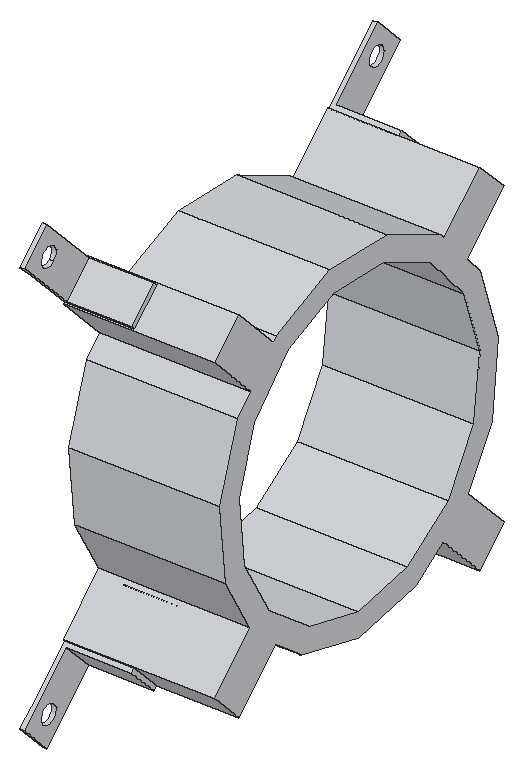
Revit family "LP100R-B", category Pipe Accessories, Revit 2021
Family settings
  Round Connector Dimension = Use Diameter
  Part Type = Breaks Into
  Work Plane-Based = No
  Always vertical = No
  Cut with Voids When Loaded = No
  Shared = No
Parameters
  URL = "https://www.snapcollars.com.au/"
  Model = "LP100R-B"
  Manufacturer = "Snap Fire Systems"
  Description = "The LP100R-B is a low profile, metal, retro-fit fire collar for concrete floor slabs."
  Default Elevation = 0 mm
Reference planes
  plane 1 "Center (Front/Back)": y = 0
  plane 2: z = 0
  plane 3 "Center (Left/Right)": x = -139.129
  plane 4: x = -230
  plane 5: x = -208.636
  plane 6: x = -210
Forms (mm)
  Extrusion 1, solid, material "PVC-White", not visible, detail levels fine
    sketch origin (0, 0, 0) x (1, 0, 0) y (0, 0, 1)
      loop
        line (-80, 60.418) -> (-227.967, 86.048) -> (-227.967, 69.12) -> (-80, 60.418)
    from -1.5 to 1.5
  Extrusion 2, solid, material "PVC-White", not visible, detail levels fine
    sketch origin (0, 0, 0) x (1, 0, 0) y (0, -0.5, 0.866025)
      loop
        line (-80, 60.418) -> (-227.967, 86.048) -> (-227.967, 69.12) -> (-80, 60.418)
    from -1.5 to 1.5
  Extrusion 3, solid, material "PVC-White", not visible, detail levels fine
    sketch origin (0, 0, 0) x (1, 0, 0) y (0, -0.866025, 0.5)
      loop
        line (-80, 60.418) -> (-227.967, 86.048) -> (-227.967, 69.12) -> (-80, 60.418)
    from -1.5 to 1.5
  Extrusion 4, solid, material "PVC-White", not visible, detail levels fine
    sketch origin (0, 0, 0) x (0, -1, 0) y (-1, 0, 0)
      loop
        line (60.418, 80) -> (86.048, 227.967) -> (69.12, 227.967) -> (60.418, 80)
    from -1.5 to 1.5
  Extrusion 5, solid, material "PVC-White", not visible, detail levels fine
    sketch origin (0, 0, 0) x (1, 0, 0) y (0, -0.866025, -0.5)
      loop
        line (-80, 60.418) -> (-227.967, 86.048) -> (-227.967, 69.12) -> (-80, 60.418)
    from -1.5 to 1.5
  Extrusion 6, solid, material "PVC-White", not visible, detail levels fine
    sketch origin (0, 0, 0) x (1, 0, 0) y (0, -0.5, -0.866025)
      loop
        line (-80, 60.418) -> (-227.967, 86.048) -> (-227.967, 69.12) -> (-80, 60.418)
    from -1.5 to 1.5
  Extrusion 7, solid, material "PVC-White", not visible, detail levels fine
    sketch origin (0, 0, 0) x (1, 0, 0) y (0, 0, -1)
      loop
        line (-80, 60.418) -> (-227.967, 86.048) -> (-227.967, 69.12) -> (-80, 60.418)
    from -1.5 to 1.5
  Extrusion 8, solid, material "PVC-White", not visible, detail levels fine
    sketch origin (0, 0, 0) x (1, 0, 0) y (0, 0.5, -0.866025)
      loop
        line (-80, 60.418) -> (-227.967, 86.048) -> (-227.967, 69.12) -> (-80, 60.418)
    from -1.5 to 1.5
  Extrusion 9, solid, material "PVC-White", not visible, detail levels fine
    sketch origin (0, 0, 0) x (1, 0, 0) y (0, 0.866025, -0.5)
      loop
        line (-80, 60.418) -> (-227.967, 86.048) -> (-227.967, 69.12) -> (-80, 60.418)
    from -1.5 to 1.5
  Extrusion 10, solid, material "PVC-White", not visible, detail levels fine
    sketch origin (0, 0, 0) x (1, 0, 0) y (0, 1, 0)
      loop
        line (-80, 60.418) -> (-227.967, 86.048) -> (-227.967, 69.12) -> (-80, 60.418)
    from -1.5 to 1.5
  Extrusion 11, solid, material "PVC-White", not visible, detail levels fine
    sketch origin (0, 0, 0) x (1, 0, 0) y (0, 0.866025, 0.5)
      loop
        line (-80, 60.418) -> (-227.967, 86.048) -> (-227.967, 69.12) -> (-80, 60.418)
    from -1.5 to 1.5
  Extrusion 12, solid, material "PVC-White", not visible, detail levels fine
    sketch origin (0, 0, 0) x (1, 0, 0) y (0, 0.5, 0.866025)
      loop
        line (-80, 60.418) -> (-227.967, 86.048) -> (-227.967, 69.12) -> (-80, 60.418)
    from -1.5 to 1.5
  Extrusion 13, solid
    sketch origin (-230, 2000, 1200) x (0, 1, 0) y (0, 0, 1)
      loop
        line (-2012.92, -1139.216) -> (-2036.526, -1149.726) -> (-2053.816, -1168.929) -> (-2061.801, -1193.504) -> (-2059.1, -1219.203) -> (-2046.18, -1241.581) -> (-2025.275, -1256.769) -> (-2000, -1262.142) -> (-1974.725, -1256.769) -> (-1953.82, -1241.581) -> (-1940.9, -1219.203) -> (-1938.199, -1193.504) -> (-1946.184, -1168.929) -> (-1963.474, -1149.726) -> (-1987.08, -1139.216) -> (-2012.92, -1139.216)
      loop
        line (-2014.879, -1130) -> (-2042.064, -1142.104) -> (-2061.976, -1164.218) -> (-2071.172, -1192.52) -> (-2068.061, -1222.114) -> (-2053.182, -1247.886) -> (-2029.108, -1265.377) -> (-2000, -1271.564) -> (-1970.892, -1265.377) -> (-1946.818, -1247.886) -> (-1931.939, -1222.114) -> (-1928.828, -1192.52) -> (-1938.024, -1164.218) -> (-1957.936, -1142.104) -> (-1985.121, -1130) -> (-2014.879, -1130)
    from 0 to 62
  Extrusion 14, solid, not visible
    sketch origin (-230, 23.225, 34.758) x (0, -0.92388, 0.382683) y (1, 0, 0)
      loop
        line (16.311, 91) -> (0, 91) -> (0, 65) -> (16.311, 65) -> (16.311, 91)
    from 0 to 3
  Extrusion 15, solid, not visible
    sketch origin (-230, 24.373, 37.53) x (0, -0.92388, 0.382683) y (1, 0, 0)
      loop
        line (16.311, 91) -> (0, 91) -> (0, 88) -> (16.311, 88) -> (16.311, 91)
    from 0 to 21
  Extrusion 16, solid, not visible
    sketch origin (-230, 29.556, 29.418) x (0, -0.828512, 0.559971) y (1, 0, 0)
      loop
        line (16.311, 91) -> (0, 91) -> (0, 65) -> (16.311, 65) -> (16.311, 91)
    from 0 to 3
  Extrusion 17, solid, not visible
    sketch origin (-230, 31.236, 31.904) x (0, -0.828512, 0.559971) y (1, 0, 0)
      loop
        line (16.311, 91) -> (0, 91) -> (0, 88) -> (16.311, 88) -> (16.311, 91)
    from 0 to 21
  Extrusion 18, solid, not visible
    sketch origin (-230, -15.852, 38.571) x (0, -0.83464, -0.550797) y (1, 0, 0)
      loop
        line (16.311, 91) -> (0, 91) -> (0, 65) -> (16.311, 65) -> (16.311, 91)
    from 0 to 3
  Extrusion 19, solid, not visible
    sketch origin (-230, -17.504, 41.075) x (0, -0.83464, -0.550797) y (1, 0, 0)
      loop
        line (16.311, 91) -> (0, 91) -> (0, 88) -> (16.311, 88) -> (16.311, 91)
    from 0 to 21
  Extrusion 20, solid, not visible
    sketch origin (-230, 29.261, -29.712) x (0, 0.564361, 0.825528) y (1, 0, 0)
      loop
        line (16.311, 91) -> (0, 91) -> (0, 65) -> (16.311, 65) -> (16.311, 91)
    from 0 to 3
  Extrusion 21, solid, not visible
    sketch origin (-230, 31.738, -31.405) x (0, 0.564361, 0.825528) y (1, 0, 0)
      loop
        line (16.311, 91) -> (0, 91) -> (0, 88) -> (16.311, 88) -> (16.311, 91)
    from 0 to 21
  Extrusion 22, solid, not visible
    sketch origin (-230, -38.657, -15.64) x (0, 0.54621, -0.837649) y (1, 0, 0)
      loop
        line (16.311, 91) -> (0, 91) -> (0, 65) -> (16.311, 65) -> (16.311, 91)
    from 0 to 3
  Extrusion 23, solid, not visible
    sketch origin (-230, -41.17, -17.279) x (0, 0.54621, -0.837649) y (1, 0, 0)
      loop
        line (16.311, 91) -> (0, 91) -> (0, 88) -> (16.311, 88) -> (16.311, 91)
    from 0 to 21
  Extrusion 24, solid
    sketch origin (0, 29.615, 29.615) x (1, 0, 0) y (0, 0.707107, 0.707107)
      loop
        line (-201.343, 54.118) -> (-201.343, 56.118) -> (-228.024, 56.118) -> (-228.024, 86.118) -> (-230, 86.118) -> (-230, 78) -> (-230, 54.118) -> (-201.343, 54.118)
    from -8 to 8
  Extrusion 25, void
    sketch origin (-228.024, 93.962, 93.962) x (0, -0.707107, -0.707107) y (0, 0.707107, -0.707107)
      loop
        circle (14, 0) r 4
    from -10.829 to 2.558
  Extrusion 26, solid, not visible
    sketch origin (0, 0, 41.882) x (1, 0, 0) y (0, 0, 1)
      loop
        line (-201.343, 54.118) -> (-201.343, 56.118) -> (-228.024, 56.118) -> (-228.024, 86.118) -> (-230, 86.118) -> (-230, 78) -> (-230, 54.118) -> (-201.343, 54.118)
    from -8 to 8
  Extrusion 27, void, not visible
    sketch origin (-228.024, 0, 132.882) x (0, 0, -1) y (0, 1, 0)
      loop
        circle (14, 0) r 4
    from -10.829 to 2.558
  Extrusion 28, solid
    sketch origin (0, -29.615, 29.615) x (1, 0, 0) y (0, -0.707107, 0.707107)
      loop
        line (-201.343, 54.118) -> (-201.343, 56.118) -> (-228.024, 56.118) -> (-228.024, 86.118) -> (-230, 86.118) -> (-230, 78) -> (-230, 54.118) -> (-201.343, 54.118)
    from -8 to 8
  Extrusion 29, void
    sketch origin (-228.024, -93.962, 93.962) x (0, 0.707107, -0.707107) y (0, 0.707107, 0.707107)
      loop
        circle (14, 0) r 4
    from -10.829 to 2.558
  Extrusion 30, solid
    sketch origin (0, -29.615, -29.615) x (1, 0, 0) y (0, -0.707107, -0.707107)
      loop
        line (-201.343, 54.118) -> (-201.343, 56.118) -> (-228.024, 56.118) -> (-228.024, 86.118) -> (-230, 86.118) -> (-230, 78) -> (-230, 54.118) -> (-201.343, 54.118)
    from -8 to 8
  Extrusion 31, void
    sketch origin (-228.024, -93.962, -93.962) x (0, 0.707107, 0.707107) y (0, -0.707107, 0.707107)
      loop
        circle (14, 0) r 4
    from -10.829 to 2.558
  Extrusion 32, solid
    sketch origin (0, 18.385, 18.385) x (1, 0, 0) y (0, 0.707107, 0.707107)
      loop
        line (-168, 41) -> (-168, 70) -> (-230, 70) -> (-230, 41) -> (-168, 41)
    from -8.715 to 8.715
  Extrusion 33, solid
    sketch origin (0, -18.385, 18.385) x (1, 0, 0) y (0, -0.707107, 0.707107)
      loop
        line (-168, 41) -> (-168, 70) -> (-230, 70) -> (-230, 41) -> (-168, 41)
    from -8.715 to 8.715
  Extrusion 34, solid
    sketch origin (0, -18.385, -18.385) x (1, 0, 0) y (0, -0.707107, -0.707107)
      loop
        line (-168, 41) -> (-168, 70) -> (-230, 70) -> (-230, 41) -> (-168, 41)
    from -8.715 to 8.715
  Extrusion 35, solid
    sketch origin (0, 18.385, -18.385) x (1, 0, 0) y (0, 0.707107, -0.707107)
      loop
        line (-168, 41) -> (-168, 70) -> (-230, 70) -> (-230, 41) -> (-168, 41)
    from -8.715 to 8.715
  Extrusion 36, solid
    sketch origin (0, 29.615, -29.615) x (1, 0, 0) y (0, 0.707107, -0.707107)
      loop
        line (-201.343, 54.118) -> (-201.343, 56.118) -> (-228.024, 56.118) -> (-228.024, 86.118) -> (-230, 86.118) -> (-230, 78) -> (-230, 54.118) -> (-201.343, 54.118)
    from -8 to 8
  Extrusion 37, void
    sketch origin (-228.024, 93.962, -93.962) x (0, -0.707107, 0.707107) y (0, -0.707107, -0.707107)
      loop
        circle (14, 0) r 4
    from -10.829 to 2.558
  Extrusion 38, solid, not visible
    sketch origin (0, 25.496, 33.227) x (1, 0, 0) y (0, 0.608761, 0.793353)
      loop
        line (-201.343, 54.118) -> (-201.343, 56.118) -> (-228.024, 56.118) -> (-228.024, 86.118) -> (-230, 86.118) -> (-230, 78) -> (-230, 54.118) -> (-201.343, 54.118)
    from -8 to 8
  Extrusion 39, solid, not visible
    sketch origin (0, -33.227, 25.496) x (1, 0, 0) y (0, -0.793353, 0.608761)
      loop
        line (-201.343, 54.118) -> (-201.343, 56.118) -> (-228.024, 56.118) -> (-228.024, 86.118) -> (-230, 86.118) -> (-230, 78) -> (-230, 54.118) -> (-201.343, 54.118)
    from -8 to 8
  Extrusion 40, solid, not visible
    sketch origin (0, -25.496, -33.227) x (1, 0, 0) y (0, -0.608761, -0.793353)
      loop
        line (-201.343, 54.118) -> (-201.343, 56.118) -> (-228.024, 56.118) -> (-228.024, 86.118) -> (-230, 86.118) -> (-230, 78) -> (-230, 54.118) -> (-201.343, 54.118)
    from -8 to 8
  Extrusion 41, solid, not visible
    sketch origin (0, 15.828, 20.627) x (1, 0, 0) y (0, 0.608761, 0.793353)
      loop
        line (-168, 41) -> (-168, 70) -> (-230, 70) -> (-230, 41) -> (-168, 41)
    from -8.715 to 8.715
  Extrusion 42, solid, not visible
    sketch origin (0, -20.627, 15.828) x (1, 0, 0) y (0, -0.793353, 0.608761)
      loop
        line (-168, 41) -> (-168, 70) -> (-230, 70) -> (-230, 41) -> (-168, 41)
    from -8.715 to 8.715
  Extrusion 43, solid, not visible
    sketch origin (0, -15.828, -20.627) x (1, 0, 0) y (0, -0.608761, -0.793353)
      loop
        line (-168, 41) -> (-168, 70) -> (-230, 70) -> (-230, 41) -> (-168, 41)
    from -8.715 to 8.715
  Extrusion 44, solid, not visible
    sketch origin (0, 20.627, -15.828) x (1, 0, 0) y (0, 0.793353, -0.608761)
      loop
        line (-168, 41) -> (-168, 70) -> (-230, 70) -> (-230, 41) -> (-168, 41)
    from -8.715 to 8.715
  Extrusion 45, solid, not visible
    sketch origin (0, 33.227, -25.496) x (1, 0, 0) y (0, 0.793353, -0.608761)
      loop
        line (-201.343, 54.118) -> (-201.343, 56.118) -> (-228.024, 56.118) -> (-228.024, 86.118) -> (-230, 86.118) -> (-230, 78) -> (-230, 54.118) -> (-201.343, 54.118)
    from -8 to 8
Cuts and joins
  Extrusion 25, Extrusion 29 cuts Extrusion 24
  Extrusion 29 cuts Extrusion 28
  Extrusion 31 cuts Extrusion 30
  joined: Extrusion 13, Extrusion 32, Extrusion 33, Extrusion 34, Extrusion 35
  Extrusion 37 cuts Extrusion 36
Lines and regions (mm)
  model lines
    curve 1: circle (-230, 0, 0) r 31 normal (1, 0, 0)
    curve 2: circle (-230, 0, 0) r 128 normal (1, 0, 0)
    curve 3: circle (-230, 0, 0) r 118 normal (1, 0, 0)
Dimensions and locks
  locked: plane 4 to plane 3 "Center (Left/Right)" at 90.871
  Extrusion 1 sketch curve to Extrusion 1 sketch curve = 0 mm
  Extrusion 2 sketch curve to Extrusion 2 sketch curve = 0 mm
  Extrusion 3 sketch curve to Extrusion 3 sketch curve = 0 mm
  Extrusion 4 sketch curve to Extrusion 4 sketch curve = 0 mm
  Extrusion 5 sketch curve to Extrusion 5 sketch curve = 0 mm
  Extrusion 6 sketch curve to Extrusion 6 sketch curve = 0 mm
  Extrusion 7 sketch curve to Extrusion 7 sketch curve = 0 mm
  Extrusion 8 sketch curve to Extrusion 8 sketch curve = 0 mm
  Extrusion 9 sketch curve to Extrusion 9 sketch curve = 0 mm
  Extrusion 10 sketch curve to Extrusion 10 sketch curve = 0 mm
  Extrusion 11 sketch curve to Extrusion 11 sketch curve = 0 mm
  Extrusion 12 sketch curve to Extrusion 12 sketch curve = 0 mm
  aligned and locked: level to plane 2
Connectors
  piping at (-210, 0, 0), diameter 122
    settings: on plane 6, index 4, connector inside diameter 609.6 mm, connector length 0 mm, flow factor 0, pipe flow 0.0 L/s, pressure drop 0.0 Pa, fitting loss kfactor 0, connector angle 0.00°, fixture units 0, engagement length 0 mm, angle of deflection 0.00°, flow configuration 0, flow direction 0, fitting loss method 0, system type 7, joint type 0, gender type 0, connector reference index -1, connector utility 0, adjustable connector no, is connector primary yes, connector description ""
  piping at (-208.636, 0, 0), diameter 122
    settings: on plane 5, index 5, connector inside diameter 609.6 mm, connector length 0 mm, flow factor 0, pipe flow 0.0 L/s, pressure drop 0.0 Pa, fitting loss kfactor 0, connector angle 0.00°, fixture units 0, engagement length 0 mm, angle of deflection 0.00°, flow configuration 0, flow direction 0, fitting loss method 0, system type 7, joint type 0, gender type 0, connector reference index -1, connector utility 0, adjustable connector no, is connector primary no, connector description ""
